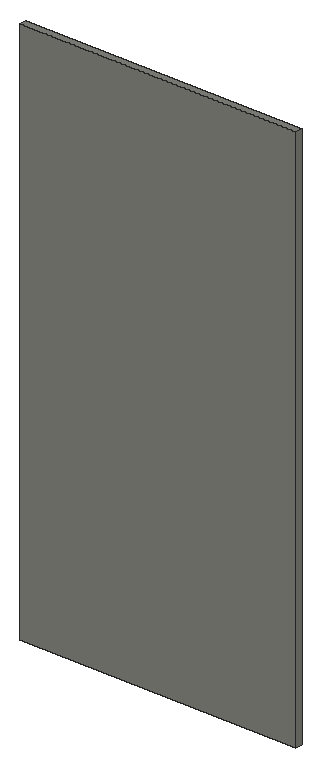
Revit family "Profile Plus Surfaces 001", category Modelos genéricos, Revit 2020
Family settings
  Anfitrión = Muro
  Puede alojar armadura = No
  Cota de conector redondo = Diámetro de uso
  Tipo de pieza = Normal
  Siempre vertical = Sí
  Corte con vacíos al cargar = No
  Compartido = No
  Punto de cálculo de habitación = No
Parameters
  URL = "https://www.csiposhfelt.com/products/surfaces/profile-plus-surfaces-001"
  Modelo = "Profile Plus Surfaces 001"
  Length = 4' - 0"
  Height = 8' - 0"
  Fabricante = "CSI PoshFelt"
  Elevación por defecto = 0' - 0"
  Core Material = PSH003
Reference planes (in)
  plane 1: y = 0
  plane 2 "Center (Left/Right)": x = 0
  plane 3 "Wall Edge": y = 3
Forms (in)
  Extrusion 1, solid, material "PSH003" <- "Core Material"
    sketch origin (0, 0, 0) x (1, 0, 0) y (0, 1, 0)
      loop
        line (24, 3) -> (24, 4.125) -> (-24, 4.125) -> (-24, 3) -> (24, 3)
    from 0 to 96
Lines and regions (in)
  reference lines
    curve 1: line (24, 3, 0) -> (24, 15, 0)
    curve 2: line (-24, 3, 0) -> (-24, 15, 0)
    curve 3: line (47.18532, 3, 96) -> (-50.81468, 3, 96)
Text (in)
  text "Placement Side" at (0, 40.15149, 123.01588), in view "Right"
  text "Placement Side" at (-70.3804, 28.46503, 0), in view "Ref. Level"
  text "Placement Side" at (0, 81.62555, 140.59947), in view "Left"
Dimensions and locks (in)
  locked: plane 3 "Wall Edge" to host wall
  "Length": curve 2 to curve 1
  "Height": level to curve 3
  aligned and locked: Extrusion 1 to curve 2
  aligned and locked: Extrusion 1 to curve 1
  aligned and locked: Extrusion 1 to curve 3
  aligned and locked: level to Extrusion 1
Automatic sketch dimensions
  Extrusion 1 sketch curve to host wall = 0' - 0"
  Extrusion 1 sketch curve to plane 2 "Center (Left/Right)" = 2' - 0"
  host wall to Extrusion 1 sketch curve = 0' - 1 1/8"
  plane 2 "Center (Left/Right)" to Extrusion 1 sketch curve = 2' - 0"
  curve 2 to host wall = 0' - 0"
  curve 1 to host wall = 0' - 0"
  curve 2 to plane 2 "Center (Left/Right)" = 2' - 0"
  host wall to curve 2 = 1' - 0"
  host wall to curve 1 = 1' - 0"
  curve 3 to plane 2 "Center (Left/Right)" = 4' - 2.81468"
  plane 2 "Center (Left/Right)" to curve 3 = 3' - 11.18532"
